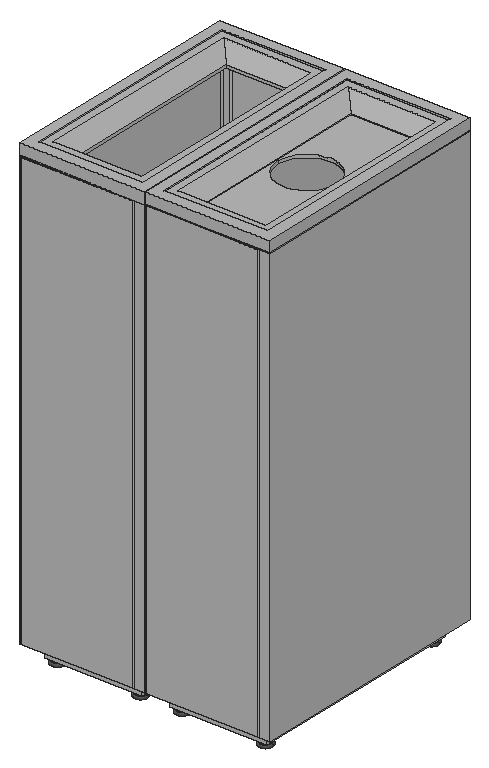
Revit family "REVIT-MG-1035-Valuta-", category Furniture, Revit 2016
Family settings
  OmniClass Number = 23.40.20.00
  OmniClass Title = General Furniture and Specialties
  Work Plane-Based = No
  Always vertical = Yes
  Cut with Voids When Loaded = No
  Shared = No
  Room Calculation Point = No
Parameters (values of type "MG-1035")
  URL = "www.magnusongroup.com"
  Type Comments = "Waiting Rooms"  # constant formula
  Salvage or Reuse = yes
  Percentage of Recycled Content = 0
  Model = "MG-1035"
  Manufacturer = "Magnuson Group"  # constant formula
  Low Emitting Material = yes
  Low Emitting Finish = yes
  Revit File Built By = "https://servex-us.com/servex-revit/"
  Description = "Valuta Waste Receptacle"
Reference planes (in)
  plane 1 "Center Front/Back": y = 0
  plane 2: z = 0
  plane 3 "Center Left/Right": x = 0
Dimensions and locks (in)
  aligned and locked: level to plane 2
Nested families (in)
  nested 1: "Magnuson-Valuta_1809L" at (4.5, -12.01425, 0), type "VA1809L-Waste"
    with Sign Holder Magnetic no, Sign Holder Acrylic no
  nested 2: "Magnuson-Valuta_1809L" at (13.5, -12.01425, 0), type "VA1809L-Circle"
    with Sign Holder Magnetic no, Sign Holder Acrylic no
Definition of nested family "Magnuson-Valuta_1809L"
  Parameters (values of type "VA1809L-Circle")
    Width = 9"
    Waste = no
    URL = "www.magnusongroup.com"
    Type Comments = "Valuta"  # constant formula
    Top Finish = none
    Top 2 = or(Security, Security 45°)  # no
    Top 1 = not(or(Security, Security 45°))  # yes
    Support Finish = none
    Sign Holder Magnetic [instance] = no
    Sign Holder Acrylic [instance] = no
    Security 45° = no
    Security = no
    Revit File Built By = "https://servex-us.com/servex-revit/"
    Paper/Circle 45° = no
    Paper/Circle = no
    Paper 45° = no
    Paper = no
    Model = "VA1809L-Circle"
    Manufacturer = "Magnuson Group"  # constant formula
    Magnetic Finish = none
    Lock Finish = none
    Laminate = yes
    Keynote = "12500"
    Height = 33 3/4"
    Glide Finish = none
    Dist Sec = if(or(Security, Security 45°), Width - 1", 1/32")  # 1/32"
    Description = "20 gallon body waste receptacle - circle opening - internal rigid liner."
    Depth = 18"
    Cost = 0  # constant formula
    Circle = yes
    Body Finish = none
    Base Finish = none
    Assembly Code = "E2020200"
    Acrylic Finish = none
  Types (5): name | Top 2 | Top 1 | Sign Holder Magnetic | Security | Paper/Circle | Paper | Model | Laminate | Dist Sec | Description | Circle
    VA1809L-Sec | yes | no | yes | yes | no | no | "VA1809L-Sec" | yes | 8" | "20 gallon body waste receptacle - internal rigid liner - locking top with 1/2\" wide opening." | no
    VA1809L-Circle | no | yes | no | no | no | no | "VA1809L-Circle" | yes | 1/32" | "20 gallon body waste receptacle - circle opening - internal rigid liner." | yes
    VA1809L-Paper | no | yes | yes | no | no | yes | "VA1809L-Paper" | yes | 1/32" | "20 gallon body waste receptacle - paper opening - internal rigid liner." | no
    VA1809L-Paper-Circle | no | yes | yes | no | yes | no | "VA1809L-Paper-Circle" | yes | 1/32" | "20 gallon body waste receptacle - paper/circle opening - internal rigid liner." | no
    VA1809L-Waste | no | yes | yes | no | no | no | "VA1809L-Waste" | no | 1/32" | "20 gallon body waste receptacle - waste opening - internal rigid liner." | no
  Reference planes (in)
    plane 1 "Center (Front/Back)": y = 0
    plane 2: z = 0
    plane 3 "Center (Left/Right)": x = 0
    plane 4: y = -9
    plane 5: y = 9
    plane 6: x = -4.5
    plane 7: x = 4.5
    plane 8: z = 33.75
    plane 9: z = 0.3467
    plane 10: z = 1.3652
    plane 11: z = 1.4252
    plane 12: z = 19
    plane 13: y = 7.5
    plane 14: y = -7.5
    plane 15: x = -3
    plane 16: x = 3
    plane 17: z = 32.86
  Forms (in)
    Extrusion 1, solid, material <- "Body Finish"
      sketch origin (0, 0, 0) x (1, 0, 0) y (0, 1, 0)
        loop
          line (-4.5, 9) -> (-4.5, -9) -> (3.65548, -9) -> (3.72548, -8.93) -> (4.14, -8.93) -> (4.14, -8.895) -> (3.71099, -8.895) -> (3.64099, -8.965) -> (-4.465, -8.965) -> (-4.465, 8.965) -> (-3.75, 8.965) -> (-3.75, 9) -> (-4.5, 9)
        loop
          line (4.5, -9) -> (4.5, 9) -> (-3.63557, 9) -> (-3.70557, 8.93) -> (-4.14, 8.93) -> (-4.14, 8.895) -> (-3.69107, 8.895) -> (-3.62107, 8.965) -> (4.465, 8.965) -> (4.465, -8.965) -> (3.75, -8.965) -> (3.75, -9) -> (4.5, -9)
      from 1.3652 to 32.86
    Sweep 2, solid, material <- "Base Finish"
      path origin (0, 0, 0) x (1, 0, 0) y (0, 1, 0)
        loop
          line (-3.5, 8) -> (-3.5, -8) -> (3.5, -8) -> (3.5, 8) -> (-3.5, 8)
      profile origin (0, 8, 0) x (0, 1, 0) y (0, 0, 1)
        loop
          line (0, 0.3467) -> (0, 1.3652) -> (-1, 1.3652) -> (-1, 0.3467) -> (0, 0.3467)
    Extrusion 3, solid, material <- "Body Finish"
      sketch origin (0, 0, 0) x (1, 0, 0) y (0, 1, 0)
        loop
          line (-4.465, 8.965) -> (-4.465, -8.965) -> (4.465, -8.965) -> (4.465, 8.965) -> (-4.465, 8.965)
      from 1.3652 to 1.4252
    Sweep 4, solid, material <- "Top Finish"
      path origin (0, 0, 24.76772) x (1, 0, 0) y (0, 1, 0)
        loop
          line (-4.5, 9) -> (-4.5, -9) -> (4.5, -9) -> (4.5, 9) -> (-4.5, 9)
      profile origin (-4.5, 0, 24.76772) x (1, 0, 0) y (0, 0, 1)
        loop
          line (2.20362, 7.825) -> (1.30862, 8.89163) -> (0.75, 8.89163) -> (0.75, 8.98228) -> (0, 8.98228) -> (0, 8.15478) -> (0.0625, 8.09228) -> (1.71827, 8.09228) -> (2.11036, 7.625) -> (2.20362, 7.625) -> (2.20362, 7.825)
    Revolve 5, solid, material <- "Glide Finish"
      sketch origin (-7.5, 7.5, 47.24409) x (-1, 0, 0) y (0, 0, 1)
        loop
          line (-4.5, -46.62239) -> (-4.59, -46.62239) -> (-4.59, -47.08409) -> (-4.92983, -47.08409)
          arc (-4.92983, -47.08409) -> (-5.00983, -47.16409) -> (-4.92983, -47.24409) r 0.08
          line (-4.92983, -47.24409) -> (-4.5, -47.24409) -> (-4.5, -46.62239)
        axis (-4.5, -47.24409) -> (-4.5, -46.62239)
      angle from 0 to 360
    Extrusion 6, solid, material <- "Glide Finish"
      sketch origin (-0.175, 0.175, 0) x (1, 0, 0) y (0, 1, 0)
        loop
          line (-3.20347, 7.325) -> (-3.01423, 6.99724) -> (-2.63577, 6.99724) -> (-2.44653, 7.325) -> (-2.63577, 7.65276) -> (-3.01423, 7.65276) -> (-3.20347, 7.325)
      from 0.16 to 0.32
    Extrusion 7, solid, material <- "Glide Finish"
      sketch origin (14.825, 0.175, 0) x (1, 0, 0) y (0, 1, 0)
        loop
          line (-12.20347, 7.325) -> (-12.01423, 6.99724) -> (-11.63577, 6.99724) -> (-11.44653, 7.325) -> (-11.63577, 7.65276) -> (-12.01423, 7.65276) -> (-12.20347, 7.325)
      from 0.16 to 0.32
    Revolve 8, solid, material <- "Glide Finish"
      sketch origin (7.5, 7.5, 47.24409) x (-1, 0, 0) y (0, 0, 1)
        loop
          line (4.5, -46.62239) -> (4.41, -46.62239) -> (4.41, -47.08409) -> (4.07017, -47.08409)
          arc (4.07017, -47.08409) -> (3.99017, -47.16409) -> (4.07017, -47.24409) r 0.08
          line (4.07017, -47.24409) -> (4.5, -47.24409) -> (4.5, -46.62239)
        axis (4.5, -47.24409) -> (4.5, -46.62239)
      angle from 0 to 360
    Extrusion 9, solid, material <- "Glide Finish"
      sketch origin (-0.175, -14.825, 0) x (1, 0, 0) y (0, 1, 0)
        loop
          line (-3.20347, 7.325) -> (-3.01423, 6.99724) -> (-2.63577, 6.99724) -> (-2.44653, 7.325) -> (-2.63577, 7.65276) -> (-3.01423, 7.65276) -> (-3.20347, 7.325)
      from 0.16 to 0.32
    Extrusion 10, solid, material <- "Glide Finish"
      sketch origin (14.825, -14.825, 0) x (1, 0, 0) y (0, 1, 0)
        loop
          line (-12.20347, 7.325) -> (-12.01423, 6.99724) -> (-11.63577, 6.99724) -> (-11.44653, 7.325) -> (-11.63577, 7.65276) -> (-12.01423, 7.65276) -> (-12.20347, 7.325)
      from 0.16 to 0.32
    Revolve 11, solid, material <- "Glide Finish"
      sketch origin (-7.5, -7.5, 47.24409) x (-1, 0, 0) y (0, 0, 1)
        loop
          line (-4.5, -46.62239) -> (-4.59, -46.62239) -> (-4.59, -47.08409) -> (-4.92983, -47.08409)
          arc (-4.92983, -47.08409) -> (-5.00983, -47.16409) -> (-4.92983, -47.24409) r 0.08
          line (-4.92983, -47.24409) -> (-4.5, -47.24409) -> (-4.5, -46.62239)
        axis (-4.5, -47.24409) -> (-4.5, -46.62239)
      angle from 0 to 360
    Revolve 12, solid, material <- "Glide Finish"
      sketch origin (-7.5, -7.5, 47.24409) x (-1, 0, 0) y (0, 0, 1)
        loop
          line (-10.5, -46.62239) -> (-10.59, -46.62239) -> (-10.59, -47.08409) -> (-10.92983, -47.08409)
          arc (-10.92983, -47.08409) -> (-11.00983, -47.16409) -> (-10.92983, -47.24409) r 0.08
          line (-10.92983, -47.24409) -> (-10.5, -47.24409) -> (-10.5, -46.62239)
        axis (-10.5, -47.24409) -> (-10.5, -46.62239)
      angle from 0 to 360
    Extrusion 13, solid, material <- "Top Finish"
      sketch origin (0, 0, 0) x (0, 1, 0) y (0, 0, 1)
        loop
          line (-6.5, 32.49272) -> (-6.5, 32.59272) -> (-6.93456, 33.65935) -> (-7.73357, 33.65935) -> (-7.73357, 32.49272) -> (-6.5, 32.49272)
      from -4 to -3.96875
    Extrusion 14, solid, material <- "Lock Finish", visible <- "Top 2"
      sketch origin (0, 0, 0) x (1, 0, 0) y (0, 1, 0)
        loop
          circle (0, -7.59228) r 0.25
      from 33.75 to 33.8125
  Cuts and joins
    joined: Sweep 4, Extrusion 13
  Lines and regions (in)
    symbolic lines
      curve 1: line (4.5, 9, 0) -> (-4.5, 9, 0)
      curve 2: line (-4.5, -9, 0) -> (4.5, -9, 0)
      curve 3: line (3.75, 8.25, 0) -> (3.75, -8.25, 0)
      curve 4: line (3.75, -8.25, 0) -> (-3.75, -8.25, 0)
      curve 5: line (-3.75, -8.25, 0) -> (-3.75, 8.25, 0)
      curve 6: line (3.19138, 7.69138, 0) -> (-3.19138, 7.69138, 0)
      curve 7: line (-3.75, 8.25, 0) -> (3.75, 8.25, 0)
      curve 8: line (-3.19138, 7.69138, 0) -> (-3.19138, -6.93456, 0)
      curve 11: line (-2.29638, 6.79638, 0) -> (2.29638, 6.79638, 0)
      curve 13: line (2.29638, 6.79638, 0) -> (2.29638, -6.5, 0)
      curve 17: line (-3.19138, 7.69138, 0) -> (-2.29638, 6.79638, 0)
      curve 18: line (3.19138, 7.69138, 0) -> (2.29638, 6.79638, 0)
      curve 24: line (3.19138, -6.93456, 0) -> (3.19138, 7.69138, 0)
      curve 25: line (-2.29638, -6.5, 0) -> (-2.29638, 6.79638, 0)
      curve 33: line (-4.5, 9, 0) -> (-4.5, -9, 0)
      curve 34: line (4.5, -9, 0) -> (4.5, 9, 0)
    symbolic lines, visible <- "Top 1"
      curve 9: line (3.19138, -7.69138, 0) -> (3.19138, -6.93456, 0)
      curve 10: line (-3.19138, -7.69138, 0) -> (3.19138, -7.69138, 0)
      curve 12: line (-2.29638, -6.79638, 0) -> (-2.29638, -6.5, 0)
      curve 14: line (2.29638, -6.79638, 0) -> (-2.29638, -6.79638, 0)
      curve 15: line (3.19138, -7.69138, 0) -> (2.29638, -6.79638, 0)
      curve 16: line (-2.29638, -6.79638, 0) -> (-3.19138, -7.69138, 0)
      curve 23: line (-3.19138, -6.93456, 0) -> (-3.19138, -7.69138, 0)
      curve 26: line (2.29638, -6.5, 0) -> (2.29638, -6.79638, 0)
    symbolic lines, detail levels fine
      curve 19: circle (-3, 7.5, 0) r 0.50866 normal (0, 0, 1)
      curve 20: circle (3, 7.5, 0) r 0.50866 normal (0, 0, -1)
      curve 21: circle (-3, -7.5, 0) r 0.50866 normal (0, 0, -1)
      curve 22: circle (3, -7.5, 0) r 0.50866 normal (0, 0, 1)
    symbolic lines, visible <- "Top 2"
      curve 27: line (-3.19138, -6.93456, 0) -> (3.19138, -6.93456, 0)
      curve 28: line (2.29638, -6.5, 0) -> (3.19138, -6.93456, 0)
      curve 29: line (2.29638, -6.5, 0) -> (-2.29638, -6.5, 0)
      curve 30: line (-2.29638, -6.5, 0) -> (-3.19138, -6.93456, 0)
      curve 31: arc (0.25, -7.59228, 0) -> (0, -7.34228, 0) -> (-0.25, -7.59228, 0) r 0.25
      curve 32: arc (-0.25, -7.59228, 0) -> (0, -7.84228, 0) -> (0.25, -7.59228, 0) r 0.25
  Dimensions and locks (in)
    equal spacing: plane 5, plane 1 "Center (Front/Back)", plane 4
    "Depth": plane 5 to plane 4
    equal spacing: plane 6, plane 3 "Center (Left/Right)", plane 7
    "Width": plane 6 to plane 7
    "Height": plane 8 to plane 2
    locked: plane 12 to level at 19
    plane 6 to Extrusion 1 sketch curve to Extrusion 1 sketch curve to Extrusion 1 sketch curve to Extrusion 1 sketch curve to Extrusion 1 sketch curve = 0.36" locked, 0.43443" locked, 0.0145" locked, 0.0555" locked, 0.0145" locked
    plane 5 to Extrusion 1 sketch curve to Extrusion 1 sketch curve to Extrusion 1 sketch curve = 0.035" locked, 0.035" locked, 0.035" locked
    locked: Extrusion 1 sketch curve to plane 5 at 0.035
    locked: Extrusion 1 sketch curve to plane 7 at 0.035
    plane 4 to Extrusion 1 sketch curve to Extrusion 1 sketch curve to Extrusion 1 sketch curve to Extrusion 1 sketch curve = 0.035" locked, 0" locked, 0.035" locked, 0.035" locked
    plane 7 to Extrusion 1 sketch curve to Extrusion 1 sketch curve to Extrusion 1 sketch curve to Extrusion 1 sketch curve to Extrusion 1 sketch curve = 0.36" locked, 0.41452" locked, 0.0145" locked, 0.0555" locked, 0.0145" locked
    locked: plane 6 to plane 15 at 1.5
    locked: plane 16 to plane 7 at 1.5
    locked: plane 5 to plane 13 at 1.5
    locked: plane 4 to plane 14 at 1.5
    plane 15 to Revolve 5 sketch curve to Revolve 5 sketch curve = 0.09" locked, 87/256" locked
    Extrusion 6 sketch curve to Extrusion 6 sketch curve to Extrusion 6 sketch curve to plane 15 to Extrusion 6 sketch curve to Extrusion 6 sketch curve to Extrusion 6 sketch curve = 0.18923" locked, 0" locked, 0.18923" locked, 0.18923" locked, 0" locked, 0.18923" locked
    Extrusion 6 sketch curve to Extrusion 6 sketch curve to Extrusion 6 sketch curve to plane 13 to Extrusion 6 sketch curve = 0.32776" locked, 0" locked, 0" locked, 0.32776" locked
    plane 16 to Revolve 8 sketch curve to Revolve 8 sketch curve = 0.09" locked, 87/256" locked
    Extrusion 9 sketch curve to Extrusion 9 sketch curve to Extrusion 9 sketch curve to plane 15 to Extrusion 9 sketch curve to Extrusion 9 sketch curve to Extrusion 9 sketch curve = 0.18923" locked, 0" locked, 0.18923" locked, 0.18923" locked, 0" locked, 0.18923" locked
    Extrusion 9 sketch curve to Extrusion 9 sketch curve to Extrusion 9 sketch curve to plane 14 to Extrusion 9 sketch curve = 0.32776" locked, 0" locked, 0" locked, 0.32776" locked
    Extrusion 7 sketch curve to Extrusion 7 sketch curve to Extrusion 7 sketch curve to plane 13 to Extrusion 7 sketch curve = 0.32776" locked, 0" locked, 0" locked, 0.32776" locked
    Extrusion 7 sketch curve to Extrusion 7 sketch curve to Extrusion 7 sketch curve to plane 16 to Extrusion 7 sketch curve to Extrusion 7 sketch curve to Extrusion 7 sketch curve = 0.18923" locked, 0" locked, 0.18923" locked, 0.18923" locked, 0" locked, 0.18923" locked
    Extrusion 10 sketch curve to Extrusion 10 sketch curve to Extrusion 10 sketch curve to plane 14 to Extrusion 10 sketch curve = 0.32776" locked, 0" locked, 0" locked, 0.32776" locked
    Extrusion 10 sketch curve to Extrusion 10 sketch curve to Extrusion 10 sketch curve to plane 16 to Extrusion 10 sketch curve to Extrusion 10 sketch curve to Extrusion 10 sketch curve = 0.18923" locked, 0" locked, 0.18923" locked, 0.18923" locked, 0" locked, 0.18923" locked
    plane 15 to Revolve 11 sketch curve to Revolve 11 sketch curve = 0.09" locked, 87/256" locked
    plane 16 to Revolve 12 sketch curve to Revolve 12 sketch curve = 0.09" locked, 87/256" locked
    plane 8 to Sweep 4 sketch curve to Sweep 4 sketch curve to Sweep 4 sketch curve = 0.09065" locked, 1.06663" locked, 0.2" locked
    plane 11 to plane 10 to plane 9 to level = 0.06" locked, 1.0185" locked, 0.3467" locked
    locked: plane 8 to plane 17 at 0.89
    Extrusion 13 sketch curve to Extrusion 13 sketch curve to plane 14 to Extrusion 13 sketch curve = 0.43456" locked, 0.56544" locked, 0.23357" locked
    Extrusion 13 sketch curve to Extrusion 13 sketch curve to Extrusion 13 sketch curve to plane 8 = 0.1" locked, 1.06663" locked, 0.09065" locked
    locked: plane 6 to Extrusion 13 at 0.5
    "Dist Sec": Extrusion 13 to Extrusion 13
    locked: Extrusion 14 to plane 8 at 0.0625
    locked: Extrusion 14 sketch curve to plane 14 at 0.09228
    aligned and locked: level to plane 2
    aligned and locked: plane 5 to Extrusion 1 sketch curve
    aligned and locked: Extrusion 1 sketch curve to plane 6
    aligned and locked: plane 4 to Extrusion 1 sketch curve
    aligned and locked: Extrusion 1 sketch curve to plane 7
    aligned and locked: Extrusion 1 to plane 10
    aligned and locked: profile plane to Sweep 2 sketch curve
    aligned and locked: Extrusion 3 sketch curve to Extrusion 1  (x4)
    aligned and locked: Extrusion 3 to plane 10
    aligned and locked: plane 11 to Extrusion 3
    aligned and locked: Sweep 2 sketch curve to plane 9
    aligned and locked: Sweep 4 sketch curve to plane 5
    aligned and locked: plane 6 to Sweep 4 sketch curve
    aligned and locked: plane 7 to Sweep 4 sketch curve
    aligned and locked: Sweep 4 sketch curve to plane 4
    aligned and locked: plane 3 "Center (Left/Right)" to nested 1
    aligned and locked: plane 15 to Revolve 5 sketch curve
    aligned and locked: Revolve 5 sketch curve to plane 15
    aligned and locked: Revolve 8 sketch curve to plane 16
    aligned and locked: plane 16 to Revolve 8 sketch curve
    aligned and locked: plane 15 to Revolve 11 sketch curve
    aligned and locked: Revolve 11 sketch curve to plane 15
    aligned and locked: Revolve 12 sketch curve to plane 16
    aligned and locked: plane 16 to Revolve 12 sketch curve
    aligned and locked: curve 1 to Sweep 4
    aligned and locked: curve 2 to Sweep 4
    aligned and locked: curve 3 to Sweep 4
    aligned and locked: curve 4 to Sweep 4
    aligned and locked: curve 5 to Sweep 4
    aligned and locked: curve 6 to Sweep 4
    aligned and locked: curve 7 to Sweep 4
    aligned and locked: curve 8 to Sweep 4
    aligned and locked: curve 9 to Sweep 4
    aligned and locked: curve 10 to Sweep 4
    aligned and locked: curve 11 to Sweep 4
    aligned and locked: curve 12 to Sweep 4
    aligned and locked: curve 13 to Sweep 4
    aligned and locked: curve 14 to Sweep 4
    aligned and locked: curve 15 to Sweep 4
    aligned and locked: curve 16 to Sweep 4
    aligned and locked: curve 17 to Sweep 4
    aligned and locked: curve 18 to Sweep 4
    aligned and locked: plane 15 to curve 19
    aligned and locked: plane 13 to curve 19
    aligned and locked: plane 16 to curve 20
    aligned and locked: plane 13 to curve 20
    aligned and locked: plane 14 to curve 21
    aligned and locked: plane 15 to curve 21
    aligned and locked: plane 16 to curve 22
    aligned and locked: plane 14 to curve 22
    aligned and locked: plane 17 to Sweep 4 sketch curve
    aligned and locked: Extrusion 1 to plane 17
    aligned and locked: Sweep 2 sketch curve to plane 10
    aligned and locked: plane 3 "Center (Left/Right)" to nested 2
    aligned and locked: plane 8 to nested 2
    aligned and locked: plane 5 to nested 2
    aligned and locked: plane 3 "Center (Left/Right)" to Extrusion 14 sketch curve
    aligned and locked: Extrusion 14 to plane 8
    aligned and locked: curve 31 to Extrusion 14
    aligned and locked: curve 32 to Extrusion 14
    aligned and locked: curve 33 to Extrusion 1
    aligned and locked: curve 34 to Extrusion 1
  Automatic sketch dimensions
    Extrusion 1 sketch curve to plane 4 = 0"
    plane 5 to Extrusion 1 sketch curve = 0"
    Extrusion 1 sketch curve to plane 6 = 0.035"
    Extrusion 1 sketch curve to Extrusion 1 sketch curve = 0.04443"
    Extrusion 1 sketch curve to Extrusion 1 sketch curve = 0.02452"
    Sweep 2 sketch curve to plane 15 = 1/2"
    Sweep 2 sketch curve to plane 16 = 1/2"
    plane 14 to Sweep 2 sketch curve = 1/2"
    plane 13 to Sweep 2 sketch curve = 1/2"
    profile plane to Sweep 2 sketch curve = 1"
    Revolve 5 sketch curve to level = 0"
    level to Revolve 5 sketch curve = 0.08"
    plane 9 to Revolve 5 sketch curve = 0.275"
    Revolve 5 sketch curve to Revolve 5 sketch curve = 0.81571"
    plane 11 to Revolve 5 sketch curve = 0.99907"
    Revolve 8 sketch curve to level = 0"
    level to Revolve 8 sketch curve = 0.08"
    plane 9 to Revolve 8 sketch curve = 0.275"
    Revolve 8 sketch curve to Revolve 8 sketch curve = 0.81571"
    plane 11 to Revolve 8 sketch curve = 0.99907"
    Revolve 11 sketch curve to level = 0"
    Revolve 11 sketch curve to Revolve 11 sketch curve = 0.08"
    Revolve 11 sketch curve to plane 9 = 0.275"
    level to Revolve 11 sketch curve = 0.81571"
    Revolve 11 sketch curve to plane 11 = 0.99907"
    Revolve 12 sketch curve to level = 0"
    Revolve 12 sketch curve to Revolve 12 sketch curve = 0.08"
    Revolve 12 sketch curve to plane 9 = 0.275"
    level to Revolve 12 sketch curve = 0.81571"
    Revolve 12 sketch curve to plane 11 = 0.99907"
    profile plane to Sweep 4 sketch curve = 0"
    Sweep 4 sketch curve to profile plane = 3/4"
    Sweep 4 sketch curve to Sweep 4 sketch curve = 0.55862"
    Sweep 4 sketch curve to Sweep 4 sketch curve = 0.40965"
    Sweep 4 sketch curve to Sweep 4 sketch curve = 0.39209"
    Sweep 4 sketch curve to Sweep 4 sketch curve = 0.09326"
    Sweep 4 sketch curve to Sweep 4 sketch curve = 0.09065"
    Sweep 4 sketch curve to profile plane = 1/16"
    Sweep 4 sketch curve to Sweep 4 sketch curve = 1/16"
    curve 9 to plane 14 = 0.56544"
    curve 12 to curve 12 = 0.29638"
    radius of Extrusion 14 sketch curve = 1/4"
    radius of curve 19 = 0.50866"
    radius of curve 20 = 0.50866"
    radius of curve 21 = 0.50866"
    radius of curve 22 = 0.50866"
  Nested families (in)
    nested 1: "Laminate" at (0, 0, 0), Top Finish <- "Top Finish", Width <- "Width", Height <- "Height", Depth <- "Depth", Paper 45° <- "Paper 45°", Laminate <- "Laminate", Paper/Circle <- "Paper/Circle", Paper <- "Paper", Circle <- "Circle", Waste <- "Waste", Paper 45°/Circle <- "Paper/Circle 45°", Security <- "Security", Security 45° <- "Security 45°", type "Laminate"
      with Width Waste 15", Width Sec 45° 60", Width Sec 50", Width Paper 45° 40", Width Paper 30", Width Circle 0", Width 9", Waste no, W Wasted 11 1/16", Top Finish none, Security 45° no, Security no, Paper/Circle no, Paper 45°/Circle no, Paper 45° no, Paper no, P2 no, P1 no, Linea PC45° 20", Linea PC 30", Laminate yes, Height 33 3/4", Dist Waste 10", Dist Sec 45° 10", Dist Sec 10", Dist Paper 45° 10", Dist Paper 10", Dist Circle 30", Depth 18", D Wasted 11 1/16", Circle yes, C1 yes
    nested 2: "Sign Holder" at (0, 9, -6.69357), Support Finish <- "Support Finish", Sign Holder Acrylic <- "Sign Holder Acrylic", Sign Holder Magnetic <- "Sign Holder Magnetic", Acrylic Finish <- "Acrylic Finish", Magnetic Finish <- "Magnetic Finish", type "Sign Holder"
      with Support Finish none, Sign Holder Magnetic no, Sign Holder Acrylic no, Magnetic Finish none, Acrylic Finish none
  Definition of nested family "Laminate"
    Parameters (values of type "Laminate")
      Width Waste [instance] = if(Waste, 0", 15")  # 15"
      Width Sec 45° [instance] = if(Security 45°, 0", 60")  # 60"
      Width Sec [instance] = if(Security, 0", 50")  # 50"
      Width Paper 45° [instance] = if(or([Paper 45°/Circle], Paper 45°), 0", 40")  # 40"
      Width Paper [instance] = if(or([Paper/Circle], Paper), 0", 30")  # 30"
      Width Circle [instance] = if(or([Paper/Circle], [Paper 45°/Circle], Circle), 0", 25")  # 25"
      Width [instance] = 18"
      Waste [instance] = no
      W Wasted [instance] = if(and(Width = 14", Depth = 18"), 7 1/8", 11 1/16")  # 11 1/16"
      Top Finish [instance] = none
      Security 45° [instance] = no
      Security [instance] = no
      Paper 45°/Circle [instance] = no
      Paper 45° [instance] = no
      P2 [instance] = Paper  # no
      P1 [instance] = Paper 45°  # no
      Linea PC45° [instance] = if([Paper 45°/Circle], 0", 20")  # 20"
      Linea PC [instance] = if([Paper/Circle], 0", 30")  # 30"
      Laminate [instance] = no
      URL = ""
      Type Comments = ""
      Paper/Circle [instance] = no
      Paper [instance] = no
      Model = ""
      Manufacturer = ""
      Keynote = ""
      Height [instance] = 26 1/8"
      Dist Waste [instance] = if(Waste, 30", 10")  # 10"
      Dist Sec 45° [instance] = if(Security 45°, 30", 10")  # 10"
      Dist Sec [instance] = if(Security, 30", 10")  # 10"
      Dist Paper [instance] = if(or([Paper/Circle], Paper), 30", 10")  # 10"
      Dist Paper 45° [instance] = if(or([Paper 45°/Circle], Paper 45°), 30", 10")  # 10"
      Dist Circle [instance] = if(or([Paper/Circle], [Paper 45°/Circle], Circle), 30", 10")  # 10"
      Description = ""
      Depth [instance] = 18"
      D Wasted [instance] = if(and(Width = 14", Depth = 18"), 11 1/4", 11 1/16")  # 11 1/16"
      Cost = 0  # constant formula
      Circle [instance] = no
      C1 [instance] = and(Circle)  # no
      Assembly Code = ""
    Reference planes (in)
      plane 1 "Center (Front/Back)": y = 0
      plane 2: z = 0
      plane 3 "Center (Left/Right)": x = 0
      plane 4: y = -9
      plane 5: y = 9
      plane 6: x = -9
      plane 7: x = 9
      plane 8: z = 26.125
      plane 9: z = 3
      plane 10: x = 40
      plane 11: x = 30
      plane 12: x = 25
      plane 13: x = 15
      plane 14: x = -20
      plane 15: x = -30
      plane 16: x = 50
      plane 17: x = 60
    Forms (in)
      Extrusion 1, solid, material <- "Top Finish", visible <- "Laminate"
        sketch origin (0, 0, 0) x (1, 0, 0) y (0, 1, 0)
          loop
            line (-6.79638, 6.79638) -> (-6.79638, -6.79638) -> (6.79638, -6.79638) -> (6.79638, 6.79638) -> (-6.79638, 6.79638)
        from 24.76772 to 24.96772
      Extrusion 2, void
        sketch origin (0, 0, 0) x (1, 0, 0) y (0, 1, 0)
          loop
            circle (25, 0) r 2.125
        from 3 to 13
      Extrusion 3, void
        sketch origin (-27, 0, 0) x (1, 0, 0) y (0, 1, 0)
          loop
            line (61.67368, 3.91211) -> (70.91211, -5.32632) -> (72.52427, -5.52427) -> (72.32632, -3.91211) -> (63.08789, 5.32632) -> (61.47573, 5.52427) -> (61.67368, 3.91211)
        from 3 to 13
      Extrusion 4, void
        sketch origin (35, 0, 0) x (1, 0, 0) y (0, 1, 0)
          loop
            line (-6, 5.5) -> (-6, -5.5) -> (-4, -5.5) -> (-4, 5.5) -> (-6, 5.5)
        from 3 to 13
      Extrusion 5, void
        sketch origin (26, 0, 0) x (1, 0, 0) y (0, 1, 0)
          loop
            line (-16.53125, 5.53125) -> (-16.53125, -5.53125) -> (-5.46875, -5.53125) -> (-5.46875, 5.53125) -> (-16.53125, 5.53125)
        from 3 to 13
      Extrusion 6, void
        sketch origin (0, 0, 0) x (1, 0, 0) y (0, 1, 0)
          loop
            line (49.75, 5.5) -> (49.75, -5.5) -> (50.25, -5.5) -> (50.25, 5.5) -> (49.75, 5.5)
        from 3 to 13
      Extrusion 7, void
        sketch origin (0, 0, 0) x (1, 0, 0) y (0, 1, 0)
          loop
            line (54.86697, 4.77658) -> (64.7663, -5.12275) -> (65.13305, -5.13374) -> (65.12207, -4.76699) -> (55.22342, 5.13303) -> (54.86697, 5.13303) -> (54.86697, 4.77658)
        from 3 to 13
    Cuts and joins
      Extrusion 2, Extrusion 3, Extrusion 4, Extrusion 5, Extrusion 6, Extrusion 7 cuts Extrusion 1
    Lines and regions (in)
      symbolic lines, visible <- "Laminate"
        curve 1: line (6.79638, 6.79638, 0) -> (-6.79638, 6.79638, 0)
        curve 2: line (-6.79638, 6.79638, 0) -> (-6.79638, -6.79638, 0)
        curve 3: line (-6.79638, -6.79638, 0) -> (6.79638, -6.79638, 0)
        curve 4: line (6.79638, -6.79638, 0) -> (6.79638, 6.79638, 0)
      symbolic lines, visible <- "Paper 45°/Circle"
        curve 5: line (-25.52427, 5.52427, 0) -> (-25.32632, 3.91211, 0)
        curve 6: line (-25.32632, 3.91211, 0) -> (-22.03293, 0.61872, 0)
        curve 7: line (-23.91211, 5.32632, 0) -> (-25.52427, 5.52427, 0)
        curve 8: line (-14.67368, -3.91211, 0) -> (-17.96707, -0.61872, 0)
        curve 9: arc (-22.03293, 0.61872, 0) -> (-21.5026, -1.5026, 0) -> (-19.38128, -2.03293, 0) r 2.125
        curve 10: arc (-17.96707, -0.61872, 0) -> (-18.4974, 1.5026, 0) -> (-20.61872, 2.03293, 0) r 2.125
        curve 11: line (-16.08789, -5.32632, 0) -> (-14.47573, -5.52427, 0)
        curve 12: line (-14.47573, -5.52427, 0) -> (-14.67368, -3.91211, 0)
        curve 13: line (-19.38128, -2.03293, 0) -> (-16.08789, -5.32632, 0)
        curve 14: line (-20.61872, 2.03293, 0) -> (-23.91211, 5.32632, 0)
      symbolic lines, visible <- "Paper/Circle"
        curve 15: line (-31, 1.875, 0) -> (-31, 5.5, 0)
        curve 16: line (-31, 5.5, 0) -> (-29, 5.5, 0)
        curve 17: line (-29, 5.5, 0) -> (-29, 1.875, 0)
        curve 18: line (-29, -1.875, 0) -> (-29, -5.5, 0)
        curve 19: line (-29, -5.5, 0) -> (-31, -5.5, 0)
        curve 20: line (-31, -5.5, 0) -> (-31, -1.875, 0)
        curve 21: arc (-29, 1.875, 0) -> (-27.875, 0, 0) -> (-29, -1.875, 0) r 2.125
        curve 22: arc (-31, 1.875, 0) -> (-32.125, 0, 0) -> (-31, -1.875, 0) r 2.125
      symbolic lines, visible <- "C1"
        curve 23: arc (27.125, 0, 0) -> (25, 2.125, 0) -> (22.875, 0, 0) r 2.125
        curve 24: arc (22.875, 0, 0) -> (25, -2.125, 0) -> (27.125, 0, 0) r 2.125
      symbolic lines, visible <- "P2"
        curve 25: line (29, 5.5, 0) -> (29, -5.5, 0)
        curve 26: line (31, -5.5, 0) -> (31, 5.5, 0)
        curve 27: line (31, 5.5, 0) -> (29, 5.5, 0)
        curve 28: line (29, -5.5, 0) -> (31, -5.5, 0)
      symbolic lines, visible <- "P1"
        curve 29: line (34.67368, 3.91211, 0) -> (43.91211, -5.32632, 0)
        curve 30: line (43.91211, -5.32632, 0) -> (45.52427, -5.52427, 0)
        curve 31: line (45.52427, -5.52427, 0) -> (45.32632, -3.91211, 0)
        curve 32: line (45.32632, -3.91211, 0) -> (36.08789, 5.32632, 0)
        curve 33: line (36.08789, 5.32632, 0) -> (34.47573, 5.52427, 0)
        curve 34: line (34.47573, 5.52427, 0) -> (34.67368, 3.91211, 0)
      symbolic lines, visible <- "Waste"
        curve 35: line (20.53125, 5.53125, 0) -> (9.46875, 5.53125, 0)
        curve 36: line (9.46875, 5.53125, 0) -> (9.46875, -5.53125, 0)
        curve 37: line (20.53125, -5.53125, 0) -> (20.53125, 5.53125, 0)
        curve 38: line (9.46875, -5.53125, 0) -> (20.53125, -5.53125, 0)
      symbolic lines, visible <- "Security"
        curve 39: line (49.75, 5.5, 0) -> (49.75, -5.5, 0)
        curve 40: line (50.25, 5.5, 0) -> (49.75, 5.5, 0)
        curve 41: line (50.25, -5.5, 0) -> (50.25, 5.5, 0)
        curve 42: line (49.75, -5.5, 0) -> (50.25, -5.5, 0)
      symbolic lines, visible <- "Security 45°"
        curve 43: line (54.86697, 4.77658, 0) -> (64.7663, -5.12275, 0)
        curve 44: line (64.7663, -5.12275, 0) -> (65.13305, -5.13374, 0)
        curve 45: line (65.13305, -5.13374, 0) -> (65.12207, -4.76699, 0)
        curve 46: line (65.12207, -4.76699, 0) -> (55.22342, 5.13303, 0)
        curve 47: line (54.86697, 5.13303, 0) -> (54.86697, 4.77658, 0)
        curve 48: line (55.22342, 5.13303, 0) -> (54.86697, 5.13303, 0)
    Dimensions and locks (in)
      equal spacing: plane 5, plane 1 "Center (Front/Back)", plane 4
      "Depth": plane 5 to plane 4
      equal spacing: plane 6, plane 3 "Center (Left/Right)", plane 7
      "Width": plane 6 to plane 7
      "Height": plane 8 to plane 2
      plane 8 to Extrusion 1 to Extrusion 1 = 1.15728" locked, 0.2" locked
      locked: Extrusion 1 sketch curve to plane 5 at 2.20362
      locked: Extrusion 1 sketch curve to plane 7 at 2.20362
      locked: plane 6 to Extrusion 1 sketch curve at 2.20362
      locked: Extrusion 1 sketch curve to plane 4 at 2.20362
      plane 9 to level = 3"
      "Dist Circle": Extrusion 2 to plane 9
      "Dist Paper 45°": Extrusion 3 to plane 9
      "Dist Paper": Extrusion 4 to plane 9
      "Dist Waste": Extrusion 5 to plane 9
      Extrusion 3 sketch curve to Extrusion 3 sketch curve to Extrusion 3 sketch curve to plane 10 to Extrusion 3 sketch curve to Extrusion 3 sketch curve to Extrusion 3 sketch curve = 0.19795" locked, 1.41421" locked, 3.91211" locked, 3.91211" locked, 1.41421" locked, 0.19795" locked
      equal spacing: Extrusion 4 sketch curve, plane 1 "Center (Front/Back)", Extrusion 4 sketch curve, locked at 5.5 each
      equal spacing: Extrusion 4 sketch curve, plane 11, Extrusion 4 sketch curve, locked at 1 each
      "Width Paper": plane 3 "Center (Left/Right)" to plane 11
      "Width Circle": plane 3 "Center (Left/Right)" to plane 12
      equal spacing: Extrusion 5 sketch curve, plane 13, Extrusion 5 sketch curve
      "W Wasted": Extrusion 5 sketch curve to Extrusion 5 sketch curve
      equal spacing: Extrusion 5 sketch curve, plane 1 "Center (Front/Back)", Extrusion 5 sketch curve
      "D Wasted": Extrusion 5 sketch curve to Extrusion 5 sketch curve
      "Width Waste": plane 3 "Center (Left/Right)" to plane 13
      "Width Paper 45°": plane 3 "Center (Left/Right)" to plane 10
      curve 7 to curve 6 to curve 14 to curve 9 to curve 14 to plane 14 = 0.19795" locked, 1.41421" locked, 1.87918" locked, 1.41421" locked, 0.61872" locked
      plane 14 to curve 13 to curve 10 to curve 13 to curve 12 to curve 12 = 0.61872" locked, 1.41421" locked, 1.87918" locked, 1.41421" locked, 0.19795" locked
      "Linea PC45°": plane 14 to plane 3 "Center (Left/Right)"
      "Linea PC": plane 15 to plane 3 "Center (Left/Right)"
      equal spacing: curve 15, plane 15, curve 17
      equal spacing: curve 20, plane 15, curve 18
      equal spacing: Extrusion 6 sketch curve, plane 16, Extrusion 6 sketch curve, locked at 0.25 each
      Extrusion 6 sketch curve to plane 1 "Center (Front/Back)" to Extrusion 6 sketch curve = 5 1/2" locked, 5 1/2" locked
      "Dist Sec": Extrusion 6 to plane 9
      "Width Sec": plane 3 "Center (Left/Right)" to plane 16
      Extrusion 7 sketch curve to Extrusion 7 sketch curve to Extrusion 7 sketch curve to plane 17 to Extrusion 7 sketch curve to Extrusion 7 sketch curve to Extrusion 7 sketch curve = 0.01098" locked, 0.35576" locked, 4.7663" locked, 4.77658" locked, 0.35645" locked, 0" locked
      Extrusion 7 sketch curve to Extrusion 7 sketch curve to Extrusion 7 sketch curve to plane 1 "Center (Front/Back)" to Extrusion 7 sketch curve to Extrusion 7 sketch curve to Extrusion 7 sketch curve = 0.01098" locked, 0.35576" locked, 4.76699" locked, 4.77658" locked, 0.35645" locked, 0" locked
      "Dist Sec 45°": Extrusion 7 to plane 9
      "Width Sec 45°": plane 3 "Center (Left/Right)" to plane 17
      aligned and locked: level to plane 2
      aligned and locked: Extrusion 2 to plane 9
      aligned and locked: Extrusion 3 to plane 9
      aligned and locked: Extrusion 4 to plane 9
      aligned and locked: Extrusion 5 to plane 9
      aligned and locked: plane 12 to Extrusion 2 sketch curve
      aligned and locked: plane 1 "Center (Front/Back)" to Extrusion 2 sketch curve
      aligned and locked: curve 1 to cut or joined group of Extrusion 1, Extrusion 2, Extrusion 3, Extrusion 4, Extrusion 5, Extrusion 6, Extrusion 7
      aligned and locked: curve 2 to cut or joined group of Extrusion 1, Extrusion 2, Extrusion 3, Extrusion 4, Extrusion 5, Extrusion 6, Extrusion 7
      aligned and locked: curve 3 to cut or joined group of Extrusion 1, Extrusion 2, Extrusion 3, Extrusion 4, Extrusion 5, Extrusion 6, Extrusion 7
      aligned and locked: curve 4 to cut or joined group of Extrusion 1, Extrusion 2, Extrusion 3, Extrusion 4, Extrusion 5, Extrusion 6, Extrusion 7
      aligned and locked: plane 14 to curve 10
      aligned and locked: plane 1 "Center (Front/Back)" to curve 10
      aligned and locked: plane 14 to curve 9
      aligned and locked: plane 1 "Center (Front/Back)" to curve 9
      aligned and locked: plane 15 to curve 21
      aligned and locked: plane 1 "Center (Front/Back)" to curve 21
      aligned and locked: plane 15 to curve 22
      aligned and locked: plane 1 "Center (Front/Back)" to curve 22
      aligned and locked: curve 23 to Extrusion 2
      aligned and locked: curve 24 to Extrusion 2
      aligned and locked: curve 25 to Extrusion 4
      aligned and locked: curve 26 to Extrusion 4
      aligned and locked: curve 29 to Extrusion 3
      aligned and locked: curve 30 to Extrusion 3
      aligned and locked: curve 31 to Extrusion 3
      aligned and locked: curve 32 to Extrusion 3
      aligned and locked: curve 33 to Extrusion 3
      aligned and locked: curve 34 to Extrusion 3
      aligned and locked: curve 35 to Extrusion 5
      aligned and locked: curve 36 to Extrusion 5
      aligned and locked: curve 37 to Extrusion 5
      aligned and locked: curve 38 to Extrusion 5
      aligned and locked: curve 27 to Extrusion 4
      aligned and locked: curve 28 to Extrusion 4
      aligned and locked: Extrusion 6 to plane 9
      aligned and locked: curve 39 to Extrusion 6
      aligned and locked: curve 40 to Extrusion 6
      aligned and locked: curve 41 to Extrusion 6
      aligned and locked: curve 42 to Extrusion 6
      aligned and locked: Extrusion 7 to plane 9
      aligned and locked: curve 43 to Extrusion 7
      aligned and locked: curve 44 to Extrusion 7
      aligned and locked: curve 45 to Extrusion 7
      aligned and locked: curve 46 to Extrusion 7
      aligned and locked: curve 47 to Extrusion 7
      aligned and locked: curve 48 to Extrusion 7
    Automatic sketch dimensions
      plane 4 to Extrusion 3 sketch curve = 3.47573"
      Extrusion 3 sketch curve to Extrusion 3 sketch curve = 0.19795"  (x2)
      Extrusion 3 sketch curve to Extrusion 3 sketch curve = 1.61216"
      Extrusion 3 sketch curve to plane 1 "Center (Front/Back)" = 3.91211"
      Extrusion 3 sketch curve to Extrusion 3 sketch curve = 1.41421"
      plane 4 to Extrusion 4 sketch curve = 3 1/2"
      plane 11 to Extrusion 4 sketch curve = 1"
      plane 4 to curve 19 = 3 1/2"
      plane 4 to curve 12 = 3.47573"
      curve 11 to curve 11 = 0.19795"
      curve 11 to curve 8 = 1.61216"
      plane 1 "Center (Front/Back)" to curve 13 = 2.03293"
      plane 1 "Center (Front/Back)" to curve 18 = 1 7/8"
      plane 1 "Center (Front/Back)" to curve 20 = 1 7/8"
      plane 1 "Center (Front/Back)" to curve 8 = 0.61872"
      curve 6 to plane 1 "Center (Front/Back)" = 3.91211"
      curve 5 to curve 7 = 1.41421"
      curve 5 to curve 7 = 1.61216"
      plane 5 to curve 16 = 3 1/2"
      plane 15 to curve 15 = 1"
      plane 15 to curve 19 = 1"
      Extrusion 6 sketch curve to plane 16 = 1/4"
      radius of Extrusion 2 sketch curve = 2 1/8"
  Definition of nested family "Sign Holder"
    Parameters (values of type "Sign Holder")
      Support Finish [instance] = none
      Sign Holder Magnetic [instance] = yes
      Sign Holder Acrylic [instance] = yes
      Magnetic Finish [instance] = none
      Acrylic Finish [instance] = none
    Reference planes (in)
      plane 1 "Center (Front/Back)": y = 0
      plane 2: z = 0
      plane 3 "Center (Left/Right)": x = 0
      plane 4: x = -4.34375
      plane 5: x = 4.34375
      plane 6: y = 3.01425
      plane 7: z = 40.44357
      plane 8: z = 30.38104
      plane 9: z = 51.63018
    Forms (in)
      Extrusion 1, solid, material <- "Support Finish", visible <- "Sign Holder Acrylic"
        sketch origin (0, 0, 0) x (0, 1, 0) y (0, 0, 1)
          loop
            line (0, 30.38104) -> (0.11434, 30.38104) -> (0.11434, 40.41393) -> (3.01425, 51.60054) -> (2.8999, 51.63018) -> (0, 40.44357) -> (0, 30.38104)
        from -4.34375 to 4.34375
      Extrusion 2, solid, material <- "Acrylic Finish", visible <- "Sign Holder Acrylic"
        sketch origin (0, 0, 0) x (0, 1, 0) y (0, 0, 1)
          loop
            line (-0.07089, 40.484) -> (0.00535, 40.46423) -> (2.89111, 51.59628) -> (2.81487, 51.61604) -> (-0.07089, 40.484)
        from -4.31158 to 4.30579
      Extrusion 3, solid, material <- "Support Finish", visible <- "Sign Holder Magnetic"
        sketch origin (0, 0, 0) x (0, 1, 0) y (0, 0, 1)
          loop
            line (0, 30.38104) -> (0.11434, 30.38104) -> (0.11434, 40.41393) -> (3.01425, 51.60054) -> (2.8999, 51.63018) -> (0, 40.44357) -> (0, 30.38104)
        from -4.34375 to 4.34375
      Extrusion 4, solid, material <- "Magnetic Finish", visible <- "Sign Holder Magnetic"
        sketch origin (0, 0, 0) x (0, 1, 0) y (0, 0, 1)
          loop
            line (-0.02562, 40.47226) -> (0.00535, 40.46423) -> (2.89111, 51.59628) -> (2.86014, 51.60431) -> (-0.02562, 40.47226)
        from -4.31158 to 4.30579
    Lines and regions (in)
      symbolic lines, visible <- "Sign Holder Acrylic"
        curve 1: line (-4.31158, -0.07089, 0) -> (4.30579, -0.07089, 0)
        curve 2: line (-4.31158, 2.89111, 0) -> (-4.31158, -0.07089, 0)
        curve 3: line (4.30579, 2.89111, 0) -> (-4.31158, 2.89111, 0)
        curve 4: line (4.30579, -0.07089, 0) -> (4.30579, 2.89111, 0)
        curve 5: line (4.30579, 2.81487, 0) -> (-4.31158, 2.81487, 0)
        curve 6: line (-4.34375, 3.01425, 0) -> (4.34375, 3.01425, 0)
        curve 7: line (4.34375, 3.01425, 0) -> (4.34375, 0, 0)
        curve 8: line (4.34375, 0, 0) -> (4.30579, 0, 0)
        curve 9: line (-4.34375, 0, 0) -> (-4.34375, 3.01425, 0)
        curve 10: line (-4.34375, 0, 0) -> (-4.31158, 0, 0)
        curve 11: line (-4.34375, 2.8999, 0) -> (4.34375, 2.8999, 0)
      symbolic lines, visible <- "Sign Holder Magnetic"
        curve 12: line (-4.34375, 3.01425, 0) -> (4.34375, 3.01425, 0)
        curve 13: line (4.34375, 3.01425, 0) -> (4.34375, 0, 0)
        curve 14: line (4.34375, 0, 0) -> (4.30579, 0, 0)
        curve 15: line (-4.34375, 0, 0) -> (-4.34375, 3.01425, 0)
        curve 16: line (-4.34375, 0, 0) -> (-4.31158, 0, 0)
        curve 17: line (-4.34375, 2.8999, 0) -> (4.34375, 2.8999, 0)
        curve 18: line (4.30579, 2.86014, 0) -> (-4.31158, 2.86014, 0)
        curve 19: line (-4.31158, 2.89111, 0) -> (4.30579, 2.89111, 0)
        curve 20: line (-4.31158, 2.89111, 0) -> (-4.31158, -0.02562, 0)
        curve 21: line (4.30579, -0.02562, 0) -> (4.30579, 2.89111, 0)
        curve 22: line (-4.31158, -0.02562, 0) -> (4.30579, -0.02562, 0)
    Dimensions and locks (in)
      aligned and locked: plane 2 to level
      aligned and locked: Extrusion 1 to plane 4
      aligned and locked: Extrusion 1 to plane 5
      aligned and locked: curve 18 to Extrusion 4
      aligned and locked: curve 19 to Extrusion 4
      aligned and locked: curve 20 to Extrusion 4
      aligned and locked: curve 21 to Extrusion 4
      aligned and locked: curve 22 to Extrusion 4
